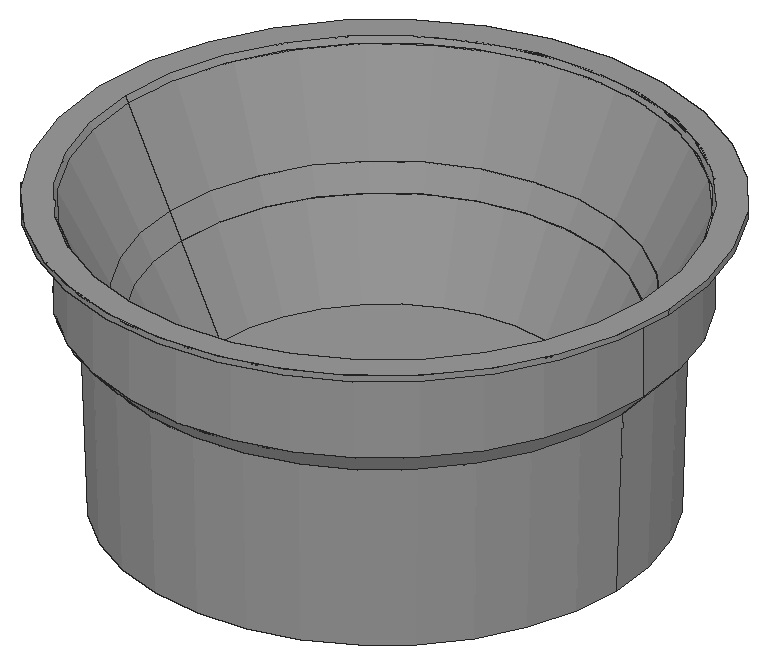
Revit family "2070242", category Lighting Fixtures, host Face, Revit 2018
Family settings
  Host = Face
  Round Connector Dimension = Use Diameter
  Part Type = Normal
  OmniClass Number = 23.80.70.00
  OmniClass Title = Lighting
  Cut with Voids When Loaded = No
  Light Source = Yes
  Shared = No
  Room Calculation Point = No
Parameters (values of type "2070242 SOLST 200 2400LM 940  SSC SB")
  Weight = "n/a"
  Wattage Comments = ""
  Wattage = 9.2903 W
  WarrantyStartDate [instance] = "n/a"
  WarrantyGuarantorParts = "n/a"
  WarrantyDurationUnit = "n/a"
  WarrantyDurationParts = ""
  WarrantyDescription = "http://www.sylvania-lighting.com"
  built-in parameter 1150110 = 1 (stored number, unit not read)
  Voltage = 0 V
  URL = "0.96"
  TypeName = "Solstice 200 2400lm 940  SSC SB"
  Type Image = <None>
  Type Comments = "n/a"
  built-in parameter 1114217 = 1 (stored number, unit not read)
  Tilt Angle = -90.00°
  built-in parameter 1150109 = 1 (stored number, unit not read)
  built-in parameter 1150134 = 3
  built-in parameter 1150113 = 1 (stored number, unit not read)
  SerialNumber [instance] = "n/a"
  Photometric Web File = "2070242.IES"
  Material_3_SYL = none
  PowerFactor = 0
  PowerConsumption = "Lighting"
  NominalLength = 215 mm
  NominalHeight = 100 mm
  NominalDepth = 215 mm
  Name = "Solstice 200 2400lm 940  SSC SB"
  ModelReference = Name  # "Solstice 200 2400lm 940  SSC SB"
  ModelNumber = "2070242"
  Model = Name  # "Solstice 200 2400lm 940  SSC SB"
  Material = "Feilo Sylvania"
  ManufacturerName = "141 lm/W"
  Manufacturer = ""
  LuminousEfficacy = ""
  built-in parameter 1150105 = 109.82 (stored number, unit not read)
  Lumens = 1380 lm
  LuminaireType = "0"
  built-in parameter 1150115 = 1 (stored number, unit not read)
  LightOutputRatio = "LED"
  built-in parameter 1150137 = (empty or 0)
  built-in parameter 1150139 = (empty or 0)
  LampsType = Lamp  # "n/a"
  LampNominalLuminous = "4000 K"
  LampMacAdamStep = "90"
  LampColourTemperature = "LED"
  LampColourRenderingIndex = "16500"
  built-in parameter 1150112 = 1 (stored number, unit not read)
  built-in parameter 1150114 = 1 (stored number, unit not read)
  Lamp = "n/a"
  Keynote = "n/a"
  InstallationDate [instance] = "n/a"
  InputVoltage = "0"
  InputNominalFrequency = "4000"
  built-in parameter 1150132 = (empty or 0)
  built-in parameter 1150102 = (empty or 0)
  built-in parameter 1150107 = 3200 (stored number, unit not read)
  built-in parameter 1150138 = (empty or 0)
  IngressProtection = "IfcLightFixtureType"
  ImpactProtectionIndex = "IfcLightFixtureType"
  built-in parameter 1150106 = 1.0982 (stored number, unit not read)
  IfcExportType = "IfcLightFixtureType"
  IfcExportAs = "Class II"
  Emit from Circle Diameter = 609.6 mm
  Emit Shape Visible in Rendering = no
  ElectricShockClassification = "141"
  built-in parameter 1150104 = 13.8 (stored number, unit not read)
  DocumentationLiterature = "http://www.sylvania-lighting.com/product/en-int/products/2070242"
  DimmingControlOptions = "n/a"
  Material_2_SYL = none
  Dimming Lamp Color Temperature Shift = <None>
  Description = "The Solstice 200 2400lm 940  SSC SBis a high efficient SSC SBdimmable downlight luminaire, Colour rendering index Ra>90, Colour temperature: 4000K Neutral White, Class II, Protection rating IP40/IP20, Cut out dimensions: 200mm."
  Default Elevation = 1219.2 mm
  CreatedOn = "03/08/2023"
  CreatedBy = "@sylvania-lighting.com"
  Cost = 0
  Color Filter = 16777215
  built-in parameter 1114216 [instance] = (empty or 0)
  ClassificationValue = "EF_70_80"
  ClassificationName = "Uniclass2015"
  Material_1_SYL = none
  BarCode [instance] = "n/a"
  built-in parameter 1114218 = 1 (stored number, unit not read)
  built-in parameter 1150133 = 10 (stored number, unit not read)
  AssetType = "Fixed"
  AssetIdentifier [instance] = "n/a"
  Assembly Code = "D5020200"
  Apparent Load = 17 VA
  Material_4_SYL = none
Reference planes
  plane 1 "Center (Front/Back)": y = 0
  plane 2: z = 0
  plane 3 "Center (Left/Right)": x = 0
  plane 4: x = -107.5
  plane 5: x = 107.5
  plane 6: y = 107.5
  plane 7: y = -107.5
  plane 8: z = -100
  plane 9: through (22.818, 35.261, 1219.2) normal (0.8403, -0.5421, 0)
Forms (mm)
  Extrusion 1, solid, material "Aluminum", detail levels medium+fine
    sketch origin (0, 0, 0) x (1, 0, 0) y (0, 1, 0)
      loop
        circle (0, 0) r 107.5
    from 0 to 2
  Extrusion 2, solid, material "Aluminum", detail levels medium+fine
    sketch origin (0, 0, 0) x (1, 0, 0) y (0, 1, 0)
      loop
        circle (0, 0) r 98
    from 0 to -31
  Blend 3, solid, material "Aluminum", detail levels medium+fine
    base sketch origin (0, 0, 0) x (1, 0, 0) y (0, 1, 0)
      loop
        circle (0, 0) r 98
    top sketch origin (0, 0, 0) x (1, 0, 0) y (0, 1, 0)
      loop
        circle (0, 0) r 90
    from -31 to -39.5
  Blend 4, solid, material "Aluminum", detail levels medium+fine
    base sketch origin (0, 1219.2, 38) x (1, 0, 0) y (0, 1, 0)
      loop
        circle (0, -1219.2) r 90
    top sketch origin (0, 1219.2, 38) x (1, 0, 0) y (0, 1, 0)
      loop
        circle (0, -1219.2) r 88
    from -77.5 to -138
  Blend 5, solid, material "Glass, White, High Luminance", detail levels fine
    base sketch origin (0, 1219.2, 38) x (1, 0, 0) y (0, 1, 0)
      loop
        circle (0, -1219.2) r 61.5
    top sketch origin (0, 1219.2, 38) x (1, 0, 0) y (0, 1, 0)
      loop
        circle (0, -1219.2) r 61.5
    from -108 to -106.452
  Extrusion 6, solid, material "Aluminum", detail levels medium+fine
    sketch origin (0, 1219.2, 38) x (1, 0, 0) y (0, 1, 0)
      loop
        circle (0.108, -1219.141) r 41.941
    from -137.794 to -138
  Extrusion 7, solid, detail levels coarse
    sketch origin (0, 0, 0) x (1, 0, 0) y (0, 0, 1)
      loop
        line (-107.5, 2) -> (-107.5, -100) -> (107.5, -100) -> (107.5, 2) -> (-107.5, 2)
    from -107.5 to 107.5
  Blend 8, void
    base sketch origin (0, 0, 0) x (1, 0, 0) y (0, 1, 0)
      loop
        circle (0.108, 0.059) r 98
    top sketch origin (0, 0, 0) x (1, 0, 0) y (0, 1, 0)
      loop
        circle (0.108, 0.059) r 61.5
    from 2 to -70
Cuts and joins
  Blend 8 cuts Extrusion 1
  Blend 8 cuts Extrusion 7
  Blend 8 cuts Extrusion 2
  Blend 8 cuts Blend 4
  Blend 8 cuts Blend 3
Dimensions and locks
  "NominalLength": plane 4 to plane 5
  equal spacing: plane 4, plane 3 "Center (Left/Right)", plane 5
  "NominalDepth": plane 6 to plane 7
  equal spacing: plane 6, plane 1 "Center (Front/Back)", plane 7
  "NominalHeight": level to plane 8
  aligned and locked: plane 2 to host face
  aligned and locked: level to host face
Automatic sketch dimensions
  host sketch curve to host sketch curve = 2438.4 mm  (x2)
  plane 1 "Center (Front/Back)" to Extrusion 1 sketch curve = 0 mm
  Extrusion 1 sketch curve to plane 3 "Center (Left/Right)" = 0 mm
  plane 1 "Center (Front/Back)" to Extrusion 2 sketch curve = 0 mm
  Extrusion 2 sketch curve to plane 3 "Center (Left/Right)" = 0 mm
  plane 1 "Center (Front/Back)" to Blend 3 sketch curve = 0 mm  (x2)
  Blend 3 sketch curve to plane 3 "Center (Left/Right)" = 0 mm  (x2)
  plane 1 "Center (Front/Back)" to Blend 4 sketch curve = 0 mm  (x2)
  Blend 4 sketch curve to plane 3 "Center (Left/Right)" = 0 mm  (x2)
  plane 1 "Center (Front/Back)" to Blend 5 sketch curve = 0 mm  (x2)
  Blend 5 sketch curve to plane 3 "Center (Left/Right)" = 0 mm  (x2)
  plane 3 "Center (Left/Right)" to Extrusion 6 sketch curve = 0.108 mm
  Extrusion 6 sketch curve to plane 1 "Center (Front/Back)" = 0.059 mm
  Extrusion 7 sketch curve to plane 4 = 0 mm
  plane 5 to Extrusion 7 sketch curve = 0 mm
  Extrusion 7 sketch curve to plane 8 = 0 mm
  level to Extrusion 7 sketch curve = 2 mm
  plane 9 to Blend 8 sketch curve = 0 mm  (x2)
  Blend 8 sketch curve to plane 1 "Center (Front/Back)" = 0.059 mm  (x2)
  radius of Extrusion 1 sketch curve = 107.5 mm
  radius of Extrusion 2 sketch curve = 98 mm
  radius of Blend 3 sketch curve = 98 mm
  radius of Blend 3 sketch curve = 90 mm
  radius of Blend 4 sketch curve = 90 mm
  radius of Blend 4 sketch curve = 88 mm
  radius of Blend 5 sketch curve = 61.5 mm  (x2)
  radius of Extrusion 6 sketch curve = 41.941 mm
  radius of Blend 8 sketch curve = 98 mm
  radius of Blend 8 sketch curve = 61.5 mm
Connectors
  electrical at (0.108, 0.059, -99.794)
    settings: on Extrusion 6, index 1, voltage 0 V, apparent load 0 VA, apparent load phase1 0 VA, apparent load phase2 0 VA, apparent load phase3 0 VA, power factor 1, load classification "Other", number of poles 1, system type 31, power factor state 1, is connector primary yes, connector utility no, sub classification motor no, connector description ""
